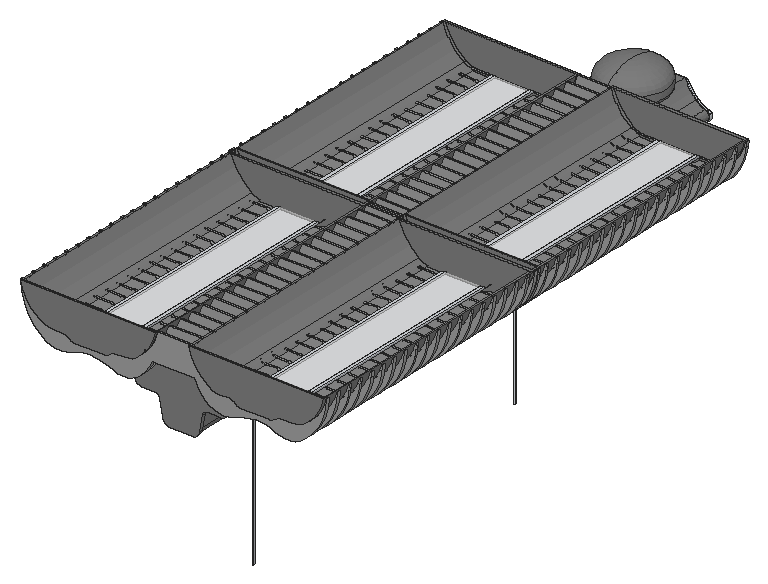
Revit family "0039279 Feilo Sylvania Lighting Fixtures SYLBAY LED 4000K 26KLM AISLE 1-10V PIR", category Lighting Fixtures, host Face, Revit 2017 (continued)
Definition of nested family "SylbayBody"
  Definition of nested family "SlybayRib"
    Forms (mm)
      Extrusion 2, solid, material <- "BodyMaterial"
        sketch origin (0, 0, 0) x (1, 0, 0) y (0, 0, 1)
          loop
            arc (-159.829, -53.728) -> (-143.258, -61.567) -> (-125.169, -58.599) r 30.791
            arc (-125.169, -58.599) -> (-113.533, -54.576) -> (-101.25, -53.728) r 46.777
            arc (-101.25, -53.728) -> (-87.202, -55.765) -> (-73.664, -60.037) r 87.865
            arc (-73.664, -60.037) -> (-55.541, -61.903) -> (-39.258, -53.728) r 32.519
            arc (-39.258, -53.728) -> (-31.199, -44.469) -> (-25.254, -33.728) r 58.361
            line (-25.254, -33.728) -> (25.254, -33.728)
            arc (25.254, -33.728) -> (31.199, -44.469) -> (39.258, -53.728) r 58.361
            arc (39.258, -53.728) -> (55.541, -61.903) -> (73.664, -60.037) r 32.519
            arc (73.664, -60.037) -> (87.202, -55.765) -> (101.25, -53.728) r 87.865
            arc (101.25, -53.728) -> (113.533, -54.576) -> (125.169, -58.599) r 46.777
            arc (125.169, -58.599) -> (143.258, -61.567) -> (159.829, -53.728) r 30.791
            arc (159.829, -53.728) -> (180.003, -30.129) -> (187.5, 0) r 67.598
            line (187.5, 0) -> (185.5, 0)
            arc (185.5, 0) -> (176.046, -19.314) -> (160.088, -33.728) r 56.788
            arc (160.088, -33.728) -> (153.193, -36.71) -> (145.75, -37.728) r 27.697
            line (145.75, -37.728) -> (132.583, -37.728)
            arc (132.583, -37.728) -> (129.421, -38.242) -> (126.583, -39.728) r 10
            line (126.583, -39.728) -> (123.917, -41.728)
            arc (123.917, -41.728) -> (121.079, -43.215) -> (117.917, -43.728) r 10
            line (117.917, -43.728) -> (84.583, -43.728)
            arc (84.583, -43.728) -> (81.421, -43.215) -> (78.583, -41.728) r 10
            line (78.583, -41.728) -> (75.917, -39.728)
            arc (75.917, -39.728) -> (73.079, -38.242) -> (69.917, -37.728) r 10
            line (69.917, -37.728) -> (58.25, -37.728)
            arc (58.25, -37.728) -> (51.55, -36.705) -> (45.461, -33.728) r 22.443
            arc (45.461, -33.728) -> (30.027, -18.905) -> (20, 0) r 67.602
            line (20, 0) -> (-20, 0)
            arc (-20, 0) -> (-30.027, -18.905) -> (-45.461, -33.728) r 67.602
            arc (-45.461, -33.728) -> (-51.55, -36.705) -> (-58.25, -37.728) r 22.443
            line (-58.25, -37.728) -> (-69.917, -37.728)
            arc (-69.917, -37.728) -> (-73.079, -38.242) -> (-75.917, -39.728) r 10
            line (-75.917, -39.728) -> (-78.583, -41.728)
            arc (-78.583, -41.728) -> (-81.421, -43.215) -> (-84.583, -43.728) r 10
            line (-84.583, -43.728) -> (-117.917, -43.728)
            arc (-117.917, -43.728) -> (-121.079, -43.215) -> (-123.917, -41.728) r 10
            line (-123.917, -41.728) -> (-126.583, -39.728)
            arc (-126.583, -39.728) -> (-129.421, -38.242) -> (-132.583, -37.728) r 10
            line (-132.583, -37.728) -> (-145.75, -37.728)
            arc (-145.75, -37.728) -> (-153.193, -36.71) -> (-160.088, -33.728) r 27.697
            arc (-160.088, -33.728) -> (-176.046, -19.314) -> (-185.5, 0) r 56.788
            line (-185.5, 0) -> (-187.5, 0)
        from 1.25 <- "RibExtrusionStart_FEILO" to -1.25 <- "RibExtrusionEnd_FEILO"
    Dimensions and locks
      equal spacing: plane 5, plane 3 "Center (Left/Right)", plane 4
      locked: plane 5 to plane 4 at 375
      locked: plane 6 to plane 7 at 62.478
      locked: plane 6 to plane 8 at 53.728
      equal spacing: plane 10, plane 3 "Center (Left/Right)", plane 9
      plane 3 "Center (Left/Right)" to plane 9 = 102.75 mm
      locked: plane 6 to plane 11 at 33.728
      equal spacing: plane 13, plane 9, plane 12
      locked: plane 14 to plane 8 at 10
      equal spacing: plane 16, plane 9, plane 15
      locked: plane 9 to plane 15 at 20
      locked: plane 17 to plane 14 at 6
      equal spacing: plane 19, plane 9, plane 18
      locked: plane 15 to plane 18 at 8
      equal spacing: plane 21, plane 9, plane 20
      locked: plane 18 to plane 20 at 15
      locked: plane 13 to plane 22 at 5.3
      locked: plane 3 "Center (Left/Right)" to Extrusion 2 sketch curve at 83.982  (x2)
      locked: plane 3 "Center (Left/Right)" to Extrusion 2 sketch curve at 79.005  (x2)
      locked: plane 3 "Center (Left/Right)" to Extrusion 2 sketch curve at 119.907  (x2)
      locked: plane 3 "Center (Left/Right)" to Extrusion 2 sketch curve at 61.405  (x2)
      locked: plane 3 "Center (Left/Right)" to Extrusion 2 sketch curve at 138.973  (x2)
      locked: plane 3 "Center (Left/Right)" to Extrusion 2 sketch curve at 84.583  (x2)
      locked: plane 3 "Center (Left/Right)" to Extrusion 2 sketch curve at 117.917  (x2)
      locked: plane 3 "Center (Left/Right)" to Extrusion 2 sketch curve at 132.583  (x2)
      locked: plane 3 "Center (Left/Right)" to Extrusion 2 sketch curve at 69.917  (x2)
      locked: Extrusion 2 sketch curve to plane 6 at 21.825  (x2)
      locked: Extrusion 2 sketch curve to plane 6 at 0.822  (x2)
      locked: plane 6 to Extrusion 2 sketch curve at 10.994  (x2)
      locked: plane 6 to Extrusion 2 sketch curve at 15.285  (x2)
      locked: plane 6 to Extrusion 2 sketch curve at 31.076  (x2)
      locked: plane 6 to Extrusion 2 sketch curve at 33.728  (x4)
      locked: plane 6 to Extrusion 2 sketch curve at 29.917  (x2)
      locked: plane 6 to Extrusion 2 sketch curve at 47.728  (x4)
      locked: plane 6 to Extrusion 2 sketch curve at 100.413  (x2)
      locked: plane 6 to Extrusion 2 sketch curve at 141.419  (x2)
      locked: plane 3 "Center (Left/Right)" to Extrusion 2 sketch curve at 106.788  (x2)
      locked: plane 3 "Center (Left/Right)" to Extrusion 2 sketch curve at 104.198  (x2)
      locked: plane 3 "Center (Left/Right)" to Extrusion 2 sketch curve at 130.69  (x2)
      locked: Extrusion 2 sketch curve to plane 6 at 14.858  (x2)
      locked: plane 6 to Extrusion 2 sketch curve at 10.032  (x2)
      locked: plane 3 "Center (Left/Right)" to Extrusion 2 sketch curve at 145.75  (x2)
      aligned and locked: plane 2 to Extrusion 1
      aligned and locked: level to Extrusion 1
      aligned and locked: plane 6 to Extrusion 2 sketch curve
      aligned and locked: plane 4 to Extrusion 2 sketch curve
      aligned and locked: plane 17 to Extrusion 2 sketch curve
      aligned and locked: plane 14 to Extrusion 2 sketch curve
      aligned and locked: Extrusion 2 sketch curve to plane 17
      aligned and locked: plane 8 to Extrusion 2 sketch curve  (x3)
      aligned and locked: plane 2 to plane 6
      aligned and locked: plane 20 to Extrusion 2 sketch curve
      aligned and locked: plane 11 to Extrusion 2 sketch curve  (x2)
      aligned and locked: plane 12 to Extrusion 2 sketch curve
      aligned and locked: Extrusion 2 sketch curve to plane 6
      aligned and locked: Extrusion 2 sketch curve to level
      aligned and locked: Extrusion 2 sketch curve to plane 11
    Automatic sketch dimensions
      Extrusion 1 sketch curve to Extrusion 1 sketch curve = 2438.4 mm  (x2)
      Extrusion 2 sketch curve to plane 11 = 0 mm  (x6)
      Extrusion 2 sketch curve to plane 8 = 0 mm  (x7)
      Extrusion 2 sketch curve to plane 17 = 0 mm
      Extrusion 2 sketch curve to plane 5 = 0 mm
      Extrusion 2 sketch curve to plane 14 = 0 mm
      Extrusion 2 sketch curve to plane 17 = 2 mm  (x3)
      Extrusion 2 sketch curve to plane 15 = 1.167 mm
      plane 14 to Extrusion 2 sketch curve = 2 mm  (x3)
      Extrusion 2 sketch curve to plane 19 = 1.167 mm
Definition of nested family "SlybayRib"
  Parameters (values of type "SylbayRib")
    URL = "http://www.feilosylvania.com"
    Type Image = (empty or 0)
    Type Comments = "n/a"
    RibThickness_FEILO = 2.5 mm
    RibExtrusionStart_FEILO = RibThickness_FEILO / 2  # 1.25 mm
    RibExtrusionEnd_FEILO = -RibThickness_FEILO / 2  # -1.25 mm
    RibDistance_FEILO = 0 mm
    Model = ""
    Manufacturer = "Feilo Sylvania"
    Keynote = ""
    Description = "n/a"
    Default Elevation = 1219.2 mm
    Cost = 0
    BodyMaterial = none
    Assembly Code = ""
  Reference planes
    plane 1 "Center (Front/Back)": y = 0
    plane 2: z = 0
    plane 3 "Center (Left/Right)": x = 0
    plane 4: x = -187.5
    plane 5: x = 187.5
    plane 6: z = 0
    plane 7: z = -62.478
    plane 8: z = -53.728
    plane 9: x = -102.75
    plane 10: x = 102.75
    plane 11: z = -33.728
    plane 12: x = -185.5
    plane 13: x = -20
    plane 14: z = -43.728
    plane 15: x = -122.75
    plane 16: x = -82.75
    plane 17: z = -37.728
    plane 18: x = -130.75
    plane 19: x = -74.75
    plane 20: x = -145.75
    plane 21: x = -59.75
    plane 22: x = -25.3
  Forms (mm)
    Extrusion 1, solid
      sketch origin (4.2, 0, 0) x (1, 0, 0) y (0, 1, 0)
        loop
          line (-1219.2, 1219.2) -> (-1219.2, -1219.2) -> (1219.2, -1219.2) -> (1219.2, 1219.2) -> (-1219.2, 1219.2)
      from 0 to -304.8
    Extrusion 2, solid, material <- "BodyMaterial"
      sketch origin (0, 0, 0) x (1, 0, 0) y (0, 0, 1)
        loop
          arc (-187.5, 0) -> (-180.003, -30.129) -> (-159.829, -53.728) r 67.598
          arc (-159.829, -53.728) -> (-143.258, -61.567) -> (-125.169, -58.599) r 30.791
          arc (-125.169, -58.599) -> (-113.533, -54.576) -> (-101.25, -53.728) r 46.777
          arc (-101.25, -53.728) -> (-87.202, -55.765) -> (-73.664, -60.037) r 87.865
          arc (-73.664, -60.037) -> (-55.541, -61.903) -> (-39.258, -53.728) r 32.519
          arc (-39.258, -53.728) -> (-31.199, -44.469) -> (-25.254, -33.728) r 58.361
          line (-25.254, -33.728) -> (25.254, -33.728)
          arc (25.254, -33.728) -> (31.199, -44.469) -> (39.258, -53.728) r 58.361
          arc (39.258, -53.728) -> (55.541, -61.903) -> (73.664, -60.037) r 32.519
          arc (73.664, -60.037) -> (87.202, -55.765) -> (101.25, -53.728) r 87.865
          arc (101.25, -53.728) -> (113.533, -54.576) -> (125.169, -58.599) r 46.777
          arc (125.169, -58.599) -> (143.258, -61.567) -> (159.829, -53.728) r 30.791
          arc (159.829, -53.728) -> (180.003, -30.129) -> (187.5, 0) r 67.598
          line (187.5, 0) -> (185.5, 0)
          arc (185.5, 0) -> (176.046, -19.314) -> (160.088, -33.728) r 56.788
          arc (160.088, -33.728) -> (153.193, -36.71) -> (145.75, -37.728) r 27.697
          line (145.75, -37.728) -> (132.583, -37.728)
          arc (132.583, -37.728) -> (129.421, -38.242) -> (126.583, -39.728) r 10
          line (126.583, -39.728) -> (123.917, -41.728)
          arc (123.917, -41.728) -> (121.079, -43.215) -> (117.917, -43.728) r 10
          line (117.917, -43.728) -> (84.583, -43.728)
          arc (84.583, -43.728) -> (81.421, -43.215) -> (78.583, -41.728) r 10
          line (78.583, -41.728) -> (75.917, -39.728)
          arc (75.917, -39.728) -> (73.079, -38.242) -> (69.917, -37.728) r 10
          line (69.917, -37.728) -> (58.25, -37.728)
          arc (58.25, -37.728) -> (51.55, -36.705) -> (45.461, -33.728) r 22.443
          arc (45.461, -33.728) -> (30.027, -18.905) -> (20, 0) r 67.602
          line (20, 0) -> (-20, 0)
          arc (-20, 0) -> (-30.027, -18.905) -> (-45.461, -33.728) r 67.602
          arc (-45.461, -33.728) -> (-51.55, -36.705) -> (-58.25, -37.728) r 22.443
          line (-58.25, -37.728) -> (-69.917, -37.728)
          arc (-69.917, -37.728) -> (-73.079, -38.242) -> (-75.917, -39.728) r 10
          line (-75.917, -39.728) -> (-78.583, -41.728)
          arc (-78.583, -41.728) -> (-81.421, -43.215) -> (-84.583, -43.728) r 10
          line (-84.583, -43.728) -> (-117.917, -43.728)
          arc (-117.917, -43.728) -> (-121.079, -43.215) -> (-123.917, -41.728) r 10
          line (-123.917, -41.728) -> (-126.583, -39.728)
          arc (-126.583, -39.728) -> (-129.421, -38.242) -> (-132.583, -37.728) r 10
          line (-132.583, -37.728) -> (-145.75, -37.728)
          arc (-145.75, -37.728) -> (-153.193, -36.71) -> (-160.088, -33.728) r 27.697
          arc (-160.088, -33.728) -> (-176.046, -19.314) -> (-185.5, 0) r 56.788
          line (-185.5, 0) -> (-187.5, 0)
      from 1.25 <- "RibExtrusionStart_FEILO" to -1.25 <- "RibExtrusionEnd_FEILO"
  Dimensions and locks
    equal spacing: plane 5, plane 3 "Center (Left/Right)", plane 4
    locked: plane 5 to plane 4 at 375
    locked: plane 6 to plane 7 at 62.478
    locked: plane 6 to plane 8 at 53.728
    equal spacing: plane 10, plane 3 "Center (Left/Right)", plane 9
    plane 3 "Center (Left/Right)" to plane 9 = 102.75 mm
    locked: plane 6 to plane 11 at 33.728
    equal spacing: plane 13, plane 9, plane 12
    locked: plane 14 to plane 8 at 10
    equal spacing: plane 16, plane 9, plane 15
    locked: plane 9 to plane 15 at 20
    locked: plane 17 to plane 14 at 6
    equal spacing: plane 19, plane 9, plane 18
    locked: plane 15 to plane 18 at 8
    equal spacing: plane 21, plane 9, plane 20
    locked: plane 18 to plane 20 at 15
    locked: plane 13 to plane 22 at 5.3
    locked: plane 3 "Center (Left/Right)" to Extrusion 2 sketch curve at 83.982  (x2)
    locked: plane 3 "Center (Left/Right)" to Extrusion 2 sketch curve at 79.005  (x2)
    locked: plane 3 "Center (Left/Right)" to Extrusion 2 sketch curve at 119.907  (x2)
    locked: plane 3 "Center (Left/Right)" to Extrusion 2 sketch curve at 61.405  (x2)
    locked: plane 3 "Center (Left/Right)" to Extrusion 2 sketch curve at 138.973  (x2)
    locked: plane 3 "Center (Left/Right)" to Extrusion 2 sketch curve at 84.583  (x2)
    locked: plane 3 "Center (Left/Right)" to Extrusion 2 sketch curve at 117.917  (x2)
    locked: plane 3 "Center (Left/Right)" to Extrusion 2 sketch curve at 132.583  (x2)
    locked: plane 3 "Center (Left/Right)" to Extrusion 2 sketch curve at 69.917  (x2)
    locked: Extrusion 2 sketch curve to plane 6 at 21.825  (x2)
    locked: Extrusion 2 sketch curve to plane 6 at 0.822  (x2)
    locked: plane 6 to Extrusion 2 sketch curve at 10.994  (x2)
    locked: plane 6 to Extrusion 2 sketch curve at 15.285  (x2)
    locked: plane 6 to Extrusion 2 sketch curve at 31.076  (x2)
    locked: plane 6 to Extrusion 2 sketch curve at 33.728  (x4)
    locked: plane 6 to Extrusion 2 sketch curve at 29.917  (x2)
    locked: plane 6 to Extrusion 2 sketch curve at 47.728  (x4)
    locked: plane 6 to Extrusion 2 sketch curve at 100.413  (x2)
    locked: plane 6 to Extrusion 2 sketch curve at 141.419  (x2)
    locked: plane 3 "Center (Left/Right)" to Extrusion 2 sketch curve at 106.788  (x2)
    locked: plane 3 "Center (Left/Right)" to Extrusion 2 sketch curve at 104.198  (x2)
    locked: plane 3 "Center (Left/Right)" to Extrusion 2 sketch curve at 130.69  (x2)
    locked: Extrusion 2 sketch curve to plane 6 at 14.858  (x2)
    locked: plane 6 to Extrusion 2 sketch curve at 10.032  (x2)
    locked: plane 3 "Center (Left/Right)" to Extrusion 2 sketch curve at 145.75  (x2)
    aligned and locked: plane 2 to Extrusion 1
    aligned and locked: level to Extrusion 1
    aligned and locked: plane 6 to Extrusion 2 sketch curve
    aligned and locked: plane 4 to Extrusion 2 sketch curve
    aligned and locked: plane 17 to Extrusion 2 sketch curve
    aligned and locked: plane 14 to Extrusion 2 sketch curve
    aligned and locked: Extrusion 2 sketch curve to plane 17
    aligned and locked: plane 8 to Extrusion 2 sketch curve  (x3)
    aligned and locked: plane 2 to plane 6
    aligned and locked: plane 20 to Extrusion 2 sketch curve
    aligned and locked: plane 11 to Extrusion 2 sketch curve  (x2)
    aligned and locked: plane 12 to Extrusion 2 sketch curve
    aligned and locked: Extrusion 2 sketch curve to plane 6
    aligned and locked: Extrusion 2 sketch curve to level
    aligned and locked: Extrusion 2 sketch curve to plane 11
  Automatic sketch dimensions
    Extrusion 1 sketch curve to Extrusion 1 sketch curve = 2438.4 mm  (x2)
    Extrusion 2 sketch curve to plane 11 = 0 mm  (x6)
    Extrusion 2 sketch curve to plane 8 = 0 mm  (x7)
    Extrusion 2 sketch curve to plane 17 = 0 mm
    Extrusion 2 sketch curve to plane 5 = 0 mm
    Extrusion 2 sketch curve to plane 14 = 0 mm
    Extrusion 2 sketch curve to plane 17 = 2 mm  (x3)
    Extrusion 2 sketch curve to plane 15 = 1.167 mm
    plane 14 to Extrusion 2 sketch curve = 2 mm  (x3)
    Extrusion 2 sketch curve to plane 19 = 1.167 mm
